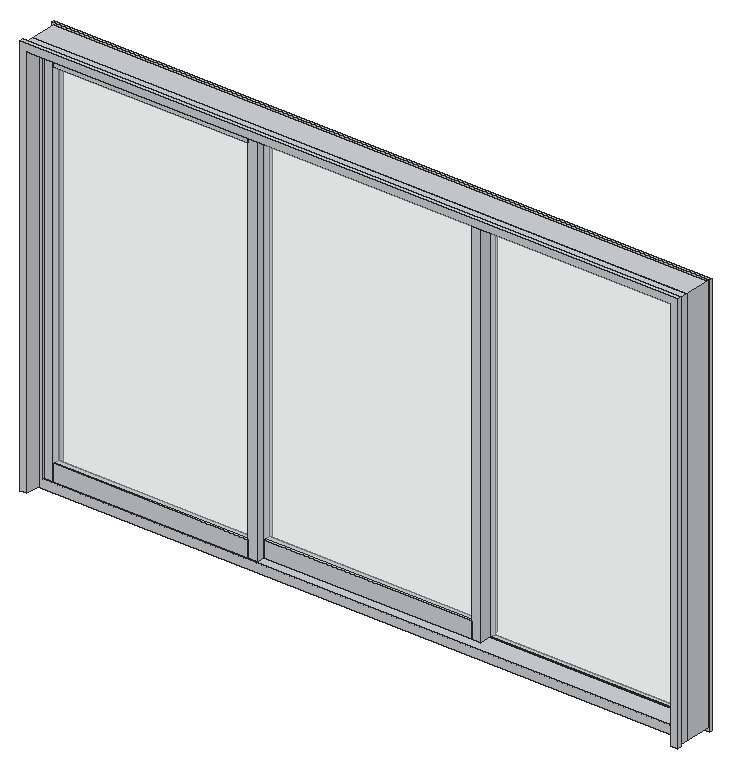
Revit family "APL Residential Thermal Heart Sliding Door SSF", category Doors, host Wall, Revit 2017
Family settings
  Host = Wall
  OmniClass Number = 23.30.10.00
  OmniClass Title = Doors
  Always vertical = Yes
  Cut with Voids When Loaded = No
  Shared = No
  Room Calculation Point = No
Parameters (values of type "Architrave")
  Type [instance] = APL Residential Thermal Heart Sliding Door SSF Horizontal Section : Groove Liner
  Rough Width = 3615 mm
  Rough Height = 2215 mm
  Liner Sill = yes
  Liner Head = yes
  Liner End [instance] = 10 mm
  Liner [instance] = 60 mm
  Jamb Liner 2 = yes
  Jamb Liner 1 = yes
  Groove [instance] = 10 mm
  Glazing [instance] = yes
  Function = Interior
  Frame Width Sill = 15 mm
  Frame Projection Ext. = 13 mm
  Frame Projection Int. = 20 mm
  Frame Width = 17.306 mm
  Height = Rough Height - 12.5 mm  # 2202.5 mm
  Wall Closure = By host
  Width = Rough Width - 15 mm  # 3600 mm
  Reveal Liner = no
  Fixed [instance] = yes
  Arrow Opening = yes
  Architrave = yes
  Analytic Construction = "<None>"
Reference planes
  plane 1: y = 0
  plane 2 "Center (Left/Right)": x = -43
  plane 3 "Left": x = -1850.5
  plane 4 "Right": x = 1764.5
  plane 5: z = 2215
  plane 6 "Exterior": y = 100
  plane 7 "Interior": y = -100
  plane 8: z = 1107.5
  plane 9: x = -645.5
  plane 10: x = 559.5
Forms (mm)
  Extrusion 1, solid, visible <- "Architrave"
    sketch origin (0, -100, 0) x (1, 0, 0) y (0, 0, 1)
      loop
        line (-1850.5, 2215) -> (-1850.5, 0) -> (-1822.396, 0) -> (-1822.396, 2186.896) -> (1736.396, 2186.896) -> (1736.396, 0) -> (1764.5, 0) -> (1764.5, 2215) -> (-1850.5, 2215)
    from 0 to -56.999
  Extrusion 2, solid, visible <- "Architrave"
    sketch origin (-60, -100, 0) x (1, 0, 0) y (0, 0, 1)
      loop
        line (-1802, 2226.5) -> (-1802, 0) -> (-1762.396, 0) -> (-1762.396, 2186.896) -> (1796.396, 2186.896) -> (1796.396, -0.049) -> (1836, -0.049) -> (1836, 2226.5) -> (-1802, 2226.5)
    from 19.85 to 0
  Sweep 3, solid, visible <- "Reveal Liner"
    path origin (0, -100, 0) x (1, 0, 0) y (0, 0, 1)
      loop
        line (-1850.5, -0.049) -> (-1850.5, 2215) -> (1764.5, 2215) -> (1764.5, -0.049)
    profile origin (-1850.5, -100, 1107.475) x (-1, 0, 0) y (0, -1, 0)
      loop
        line (-9.104, 19.85) -> (-28.104, 19.85) -> (-28.104, -56.999) -> (0, -56.999) -> (0, -0.15) -> (-14.669, -0.15) -> (-14.669, 9.85) -> (-9.104, 9.85) -> (-9.104, 19.85)
  Sweep 4, solid
    path origin (0, 100, 0) x (1, 0, 0) y (0, 0, 1)
      loop
        line (1799.692, 2249.7) -> (-1885.708, 2249.7) -> (-1885.708, -38.2) -> (1799.692, -38.2) -> (1799.692, 2249.7)
    profile origin (-1885.708, 100, 1105.75) x (0, -1, 0) y (1, 0, 0)
      loop
        line (-12.35, 22.708) -> (0, 22.708) -> (0, 42.708) -> (26.65, 42.708) -> (26.65, 66.708) -> (-18.35, 66.708) -> (-18.35, 43.708) -> (-12.35, 37.708) -> (-12.35, 22.708)
  Extrusion 5, solid
    sketch origin (-43, 0, 0) x (0, 1, 0) y (0, 0, 1)
      loop
        line (44.38, 2163.998) -> (9.9, 2163.998) -> (9.9, 2101.995) -> (44.38, 2101.995) -> (44.38, 2163.998)
    from -573.427 to 574.589
  Extrusion 6, solid
    sketch origin (0, -108.851, 0) x (1, 0, 0) y (0, 1, 0)
      loop
        line (-668.371, 78.85) -> (-668.371, 102.85) -> (-1746.606, 102.85) -> (-1746.606, 78.85) -> (-668.371, 78.85)
    from 138.3 to 2101.995
  Extrusion 7, solid
    sketch origin (1143.695, 0, 2243.4) x (0, 1, 0) y (0, 0, -1)
      loop
        line (45.299, 2195.899) -> (9.198, 2195.899) -> (9.198, 2105.099) -> (45.299, 2105.099) -> (45.299, 2195.899)
    from 612.106 to 1760.122
  Extrusion 8, solid
    sketch origin (1100.695, -11.769, 0) x (-1, 0, 0) y (0, -1, 0)
      loop
        line (569.106, -51.767) -> (1717.122, -51.767) -> (1717.122, -27.767) -> (569.106, -27.767) -> (569.106, -51.767)
    from 138.3 to 2101.995
  Sweep 9, solid
    path origin (0, 100, 0) x (1, 0, 0) y (0, 0, 1)
      loop
        line (583.272, 47.5) -> (1714, 47.5) -> (1714, 2163.998) -> (583.272, 2163.998) -> (583.272, 47.5)
    profile origin (1714, 100, 1105.749) x (0, -1, 0) y (1, 0, 0)
      loop
        line (-3.964, 0) -> (26.65, 0) -> (26.65, 19) -> (-18.35, 19) -> (-18.35, 14.386) -> (-3.964, 0)
  Extrusion 10, solid
    sketch origin (0, 0, 0) x (1, 0, 0) y (0, 1, 0)
      loop
        line (-616.427, -35.28) -> (-616.427, 9.198) -> (-668.371, 9.198) -> (-668.371, -35.28) -> (-616.427, -35.28)
    from 47.5 to 2163.998
  Extrusion 11, solid
    sketch origin (2245.495, 62.2, 0) x (-1, 0, 0) y (0, -1, 0)
      loop
        line (531.495, -40.65) -> (1662.224, -40.65) -> (1662.224, -16.65) -> (531.495, -16.65) -> (531.495, -40.65)
    from 47.5 to 2163.998
  Sweep 12, solid
    path origin (-1184.043, 100, 0) x (1, 0, 0) y (0, 0, 1)
      loop
        line (1715.613, 49.963) -> (-613.305, 49.963) -> (-613.305, 2161.652) -> (1715.613, 2161.652)
    profile origin (-1797.348, 100, 1105.807) x (-1, 0, 0) y (0, -1, 0)
      loop
        line (21.652, -18.35) -> (21.652, 26.65) -> (2.652, 26.65) -> (2.652, 24.65) -> (20.464, -18.35) -> (21.652, -18.35)
  Extrusion 13, solid
    sketch origin (-28.887, -46.751, 2243.4) x (0, 1, 0) y (0, 0, -1)
      loop
        line (45.951, 2195.899) -> (11.471, 2195.899) -> (11.471, 2105.099) -> (45.951, 2105.099) -> (45.951, 2195.899)
    from 639.484 to 1717.72
  Extrusion 14, solid
    sketch origin (-43, 0, -480) x (0, 1, 0) y (0, 0, 1)
      loop
        line (-0.8, 2643.998) -> (-35.28, 2643.998) -> (-35.28, 2581.995) -> (-0.8, 2581.995) -> (-0.8, 2643.998)
    from -1703.606 to -625.371
  Extrusion 15, solid
    sketch origin (-83.348, -46.751, 0) x (-1, 0, 0) y (0, -1, 0)
      loop
        line (1716.652, -45.951) -> (1716.652, -11.471) -> (1663.259, -11.471) -> (1663.259, -45.951) -> (1716.652, -45.951)
    from 47.5 to 2163.998
  Extrusion 16, solid
    sketch origin (0, 100, 0) x (1, 0, 0) y (0, 0, 1)
      loop
        line (1756.984, 2206.992) -> (-1843, 2206.992) -> (-1843, 4.508) -> (1756.984, 4.508) -> (1756.984, 2206.992)
      loop
        line (1714, 2163.998) -> (-1800, 2163.998) -> (-1800, 47.5) -> (1714, 47.5) -> (1714, 2163.998)
    from 26.65 to 143.001
  Extrusion 17, solid
    sketch origin (-55, 100, 0) x (1, 0, 0) y (0, 0, 1)
      loop
        line (1819.5, 2215) -> (-1795.5, 2215) -> (-1795.5, 0) -> (1819.5, 0) -> (1819.5, 2215)
      loop
        line (1811.984, 2206.992) -> (-1788, 2206.992) -> (-1788, 4.508) -> (1811.984, 4.508) -> (1811.984, 2206.992)
    from 0 to 143.001
  Extrusion 18, solid
    sketch origin (0, 0, 0) x (1, 0, 0) y (0, 1, 0)
      loop
        line (531.589, 9.198) -> (583.59, 9.198) -> (583.59, 73.35) -> (531.589, 73.35) -> (531.589, 9.198)
    from 47.5 to 2163.998
  Extrusion 19, solid
    sketch origin (0, 0, 0) x (1, 0, 0) y (0, 1, 0)
      loop
        line (531.589, 73.35) -> (564.272, 73.35) -> (564.272, 118.35) -> (554.59, 118.35) -> (554.59, 156.148) -> (531.589, 156.148) -> (531.589, 73.35)
    from 28.5 to 2182.998
  Extrusion 20, solid
    sketch origin (-1850.5, -100, 1107.475) x (-1, 0, 0) y (0, -1, 0)
      loop
        line (-1182.129, -109.198) -> (-1234.073, -109.198) -> (-1234.073, -145.199) -> (-1214.843, -145.199) -> (-1214.843, -189.498) -> (-1182.129, -189.498) -> (-1182.129, -109.198)
    from -1059.975 to 1056.523
Cuts and joins
  joined: Extrusion 1, Extrusion 2
  joined: Sweep 4, Sweep 12, Extrusion 16, Extrusion 17
  joined: Sweep 9, Extrusion 19
Lines and regions (mm)
  Opening 1
    outline origin (-5000.306, -100, 0) x (1, 0, 0) y (0, 0, 1)
      loop
        line (6764.806, 2215) -> (3149.806, 2215) -> (3149.806, 0) -> (6764.806, 0) -> (6764.806, 2215)
  Masking region 1
    outline origin (0, 0, 0) x (1, 0, 0) y (0, 1, 0)
      loop
        line (1714, -43.001) -> (1764.5, -43.001) -> (1764.5, 100) -> (1776.983, 100) -> (1776.983, 112.35) -> (1761.983, 112.35) -> (1755.983, 118.35) -> (1728.386, 118.35) -> (1714, 103.964) -> (1714, -43.001)
  Masking region 2
    outline origin (0, 0, 0) x (1, 0, 0) y (0, 1, 0)
      loop
        line (-1848, 112.35) -> (-1863, 112.35) -> (-1863, 100) -> (-1850.5, 100) -> (-1850.5, -43.001) -> (-1800, -43.001) -> (-1800, 73.35) -> (-1817.811, 118.35) -> (-1842, 118.35) -> (-1848, 112.35)
  symbolic lines, style "DoorsOpeningProjection"
    curve 1: line (-293, 157.712, 0) -> (207, 157.712, 0)
    curve 2: line (207, 157.712, 0) -> (110.407, 183.594, 0)
    curve 7: line (-1493, 157.712, 0) -> (-993, 157.712, 0)
    curve 8: line (-993, 157.712, 0) -> (-1089.593, 183.594, 0)
  symbolic lines, style "DoorsOpeningProjection", visible <- "Arrow Opening"
    curve 3: line (-298.893, 100, 1107.5) -> (212.893, 100, 1107.5)
    curve 4: line (212.893, 100, 1107.5) -> (128.087, 100, 1133.382)
    curve 5: line (-1498.893, 100, 1107.5) -> (-987.107, 100, 1107.5)
    curve 6: line (-987.107, 100, 1107.5) -> (-1071.913, 100, 1133.382)
Text (mm)
  text "Exterior" at (-2295.016, 1652.778, 0), in view "Ref. Level"
  text "Exterior" at (0, 1615.38, 3698.081), in view "Left"
  text "Exterior" at (0, 1036.032, 3874.932), in view "Right"
Dimensions and locks
  equal spacing: plane 3 "Left", plane 2 "Center (Left/Right)", plane 4 "Right"
  "Rough Width": plane 3 "Left" to plane 4 "Right"
  "Rough Height": plane 5 to host wall
  locked: plane 6 "Exterior" to host wall at 0
  locked: plane 7 "Interior" to host wall
  locked: Extrusion 5 to plane 5 at 113.005
  locked: cut or joined group of Extrusion 1, Extrusion 2 to cut or joined group of Extrusion 1, Extrusion 2 at 28.104  (x2)
  plane 6 "Exterior" to Extrusion 5 to Extrusion 5 = 55.62 mm locked, 34.48 mm locked
  nested 1 to plane 3 "Left" = 12.5 mm
  equal spacing: level, plane 8, plane 5
  locked: curve 1 to curve 1 at 500
  locked: curve 2 to curve 2 at 100
  Extrusion 8 to Extrusion 8 = 24 mm
  locked: Extrusion 11 to Extrusion 11 at 24
  level to plane 8 to plane 5 = 1107.5 mm, 1107.5 mm
  locked: Extrusion 11 to plane 5 at 51.002
  locked: Extrusion 8 to plane 5 at 113.005
  locked: plane 5 to Extrusion 10 at 51.002
  Extrusion 6 to plane 6 "Exterior" = 106.001 mm
  Extrusion 10 to plane 6 "Exterior" = 135.28 mm  (x2)
  Extrusion 7 to plane 6 "Exterior" = 54.701 mm
  Sweep 9 to Sweep 9 to Extrusion 11 to host wall to Extrusion 11 = 14.386 mm locked, 1.114 mm locked, 2.85 mm locked, 21.15 mm locked
  equal spacing: plane 3 "Left", plane 9, plane 10, plane 4 "Right"
  equal spacing: curve 4, plane 2 "Center (Left/Right)", curve 3
  curve 6 to curve 5 = 511.786 mm
  locked: Extrusion 14 to Extrusion 14 at 34.48
  Extrusion 15 to Extrusion 15 = 34.48 mm
  locked: curve 7 to curve 7 at 500
  locked: curve 8 to curve 8 at 100
  locked: Extrusion 6 to plane 5 at 113.005
  locked: Extrusion 15 to plane 5 at 51.002
  locked: plane 3 "Left" to nested 1 at 7.5
  Extrusion 10 to plane 9 to Extrusion 10 = 22.871 mm locked, 29.073 mm locked
  locked: Sweep 12 to plane 10 at 27.93
  plane 10 to Sweep 9 = 23.772 mm
  locked: Extrusion 15 to Extrusion 15 at 53.393
  Extrusion 7 to Extrusion 8 to Extrusion 8 to Extrusion 7 to plane 6 "Exterior" = 6.8 mm locked, 24 mm locked, 5.301 mm locked, 54.701 mm locked
  Extrusion 13 to Extrusion 6 to Extrusion 6 to Extrusion 13 to plane 6 "Exterior" = 5.279 mm locked, 24 mm locked, 5.201 mm locked, 100.8 mm locked
  locked: Sweep 12 to plane 6 "Exterior" at 18.35
  locked: cut or joined group of Sweep 4, Sweep 12, Extrusion 16, Extrusion 17 to plane 6 "Exterior" at 143.001
  nested 2 to host wall = 5 mm
  Extrusion 19 to plane 6 "Exterior" to Extrusion 19 to Extrusion 18 = 56.148 mm locked, 26.65 mm locked, 64.152 mm locked
  Extrusion 18 to plane 10 to Extrusion 18 = 27.911 mm locked, 24.09 mm locked
  Extrusion 19 to Extrusion 19 to plane 10 to Sweep 9 = 23.001 mm locked, 4.91 mm locked, 4.772 mm locked
  Extrusion 20 to plane 9 to Extrusion 20 to Extrusion 20 = 22.871 mm locked, 9.843 mm locked, 19.231 mm locked
  Extrusion 10 to Extrusion 10 to Extrusion 20 to Extrusion 20 to plane 6 "Exterior" = 44.478 mm locked, 36.001 mm locked, 44.299 mm locked, 10.502 mm locked
  locked: plane 3 "Left" to cut or joined group of Sweep 4, Sweep 12, Extrusion 16, Extrusion 17 at 50.5
  locked: cut or joined group of Sweep 4, Sweep 12, Extrusion 16, Extrusion 17 to plane 4 "Right" at 50.5
  locked: cut or joined group of Sweep 9, Extrusion 19 to plane 5 at 32.002  (x2)
  locked: Extrusion 20 to plane 5 at 51.002
  locked: plane 5 to Extrusion 18 at 51.002
  locked: level to Extrusion 20 at 47.5
  locked: nested 2 to plane 5 at 8.044
  locked: curve 2 to curve 1 (angle 15.00°)
  locked: curve 8 to curve 7 (angle 15.00°)
  aligned and locked: host wall to plane 1
  aligned and locked: Extrusion 1 to level
  aligned and locked: Sweep 3 to Extrusion 1
  aligned and locked: Extrusion 1 to Extrusion 2
  aligned and locked: Extrusion 11 to Sweep 9  (x2)
  aligned and locked: Extrusion 13 to Extrusion 6  (x2)
  aligned and locked: Extrusion 13 to Extrusion 15
  aligned and locked: Extrusion 6 to Extrusion 10
  aligned and locked: Extrusion 7 to Extrusion 8  (x2)
  aligned and locked: Extrusion 7 to Extrusion 10
  aligned and locked: Extrusion 14 to Extrusion 6  (x2)
  aligned and locked: Extrusion 15 to Extrusion 14
  aligned and locked: Extrusion 14 to Extrusion 15
  aligned and locked: Extrusion 5 to Extrusion 8  (x2)
  aligned and locked: Extrusion 15 to Extrusion 13
  aligned and locked: Extrusion 2 to plane 7 "Interior"
  aligned and locked: host wall to Extrusion 17
  aligned and locked: Extrusion 1 to cut or joined group of Sweep 4, Sweep 12, Extrusion 16, Extrusion 17
  aligned and locked: Sweep 3 sketch curve to cut or joined group of Extrusion 1, Extrusion 2
  aligned and locked: Extrusion 10 to Extrusion 8
  aligned and locked: Extrusion 10 to Extrusion 13
  aligned and locked: Extrusion 7 to Extrusion 18
  aligned and locked: Extrusion 18 to Sweep 9
  aligned and locked: Sweep 9 to Extrusion 19
  aligned and locked: Extrusion 19 to Sweep 9  (x2)
  aligned and locked: Extrusion 19 to Extrusion 7
  aligned and locked: Extrusion 10 to Extrusion 7
  aligned and locked: Extrusion 13 to Extrusion 10
  aligned and locked: Extrusion 20 to Extrusion 7
  aligned and locked: Extrusion 15 to cut or joined group of Sweep 4, Sweep 12, Extrusion 16, Extrusion 17
  aligned and locked: Masking region 1 to Sweep 3
  aligned and locked: Masking region 2 to Sweep 3
Automatic sketch dimensions
  host wall to curve 7 = 57.712 mm
  curve 7 to plane 9 = 347.5 mm
  host wall to curve 2 = 57.712 mm
  plane 2 "Center (Left/Right)" to curve 2 = 250 mm
  curve 5 to plane 8 = 0 mm
  curve 3 to plane 8 = 0 mm
  curve 5 to plane 9 = 341.607 mm
  plane 2 "Center (Left/Right)" to curve 4 = 255.893 mm
  plane 8 to curve 6 = 25.882 mm
  curve 6 to curve 5 = 84.806 mm
  curve 5 to plane 3 "Left" = 351.607 mm
  plane 8 to curve 4 = 25.882 mm
  curve 4 to curve 3 = 84.806 mm
  plane 3 "Left" to Opening 1 sketch curve = 0 mm
  Opening 1 sketch curve to level = 0 mm
  plane 4 "Right" to Opening 1 sketch curve = 0 mm
  Opening 1 sketch curve to plane 5 = 0 mm
  Extrusion 1 sketch curve to level = 0 mm  (x2)
  plane 3 "Left" to Extrusion 1 sketch curve = 0 mm
  plane 4 "Right" to Extrusion 1 sketch curve = 0 mm
  Extrusion 1 sketch curve to plane 5 = 0 mm
  Extrusion 1 sketch curve to plane 3 "Left" = 28.104 mm
  plane 4 "Right" to Extrusion 1 sketch curve = 28.104 mm
  plane 5 to Extrusion 1 sketch curve = 28.104 mm
  Extrusion 2 sketch curve to level = 0 mm
  plane 3 "Left" to Extrusion 2 sketch curve = 11.5 mm
  Extrusion 2 sketch curve to plane 3 "Left" = 28.104 mm
  plane 4 "Right" to Extrusion 2 sketch curve = 28.104 mm
  Extrusion 2 sketch curve to plane 4 "Right" = 11.5 mm
  Extrusion 2 sketch curve to level = 0.049 mm
  plane 5 to Extrusion 2 sketch curve = 28.104 mm
  Extrusion 2 sketch curve to plane 5 = 11.5 mm
  plane 3 "Left" to Sweep 3 sketch curve = 0 mm
  plane 4 "Right" to Sweep 3 sketch curve = 0 mm
  Sweep 3 sketch curve to plane 5 = 0 mm
  Sweep 3 sketch curve to level = 0.049 mm  (x2)
  plane 3 "Left" to Sweep 4 sketch curve = 35.208 mm
  Sweep 4 sketch curve to plane 4 "Right" = 35.192 mm
  Sweep 4 sketch curve to level = 38.2 mm
  Sweep 4 sketch curve to plane 5 = 34.7 mm
  plane 6 "Exterior" to Sweep 4 sketch curve = 0 mm
  Sweep 4 sketch curve to Sweep 4 sketch curve = 12.35 mm
  Sweep 4 sketch curve to plane 6 "Exterior" = 18.35 mm
  plane 6 "Exterior" to Sweep 4 sketch curve = 26.65 mm
  Sweep 4 sketch curve to profile plane = 22.708 mm
  Sweep 4 sketch curve to Sweep 4 sketch curve = 15 mm
  Sweep 4 sketch curve to Sweep 4 sketch curve = 20 mm
  Sweep 4 sketch curve to Sweep 4 sketch curve = 6 mm
  Sweep 4 sketch curve to Sweep 4 sketch curve = 23 mm
  Extrusion 5 sketch curve to host wall = 9.9 mm
  Extrusion 5 sketch curve to Extrusion 5 sketch curve = 34.48 mm
  plane 5 to Extrusion 5 sketch curve = 113.005 mm
  plane 5 to Extrusion 5 sketch curve = 51.002 mm
  host wall to Extrusion 6 sketch curve = 30.001 mm
  Extrusion 6 sketch curve to plane 3 "Left" = 103.894 mm
  host wall to Extrusion 6 sketch curve = 6.001 mm
  Extrusion 6 sketch curve to plane 9 = 22.871 mm
  Extrusion 7 sketch curve to host wall = 9.198 mm
  Extrusion 7 sketch curve to Extrusion 7 sketch curve = 36.101 mm
  level to Extrusion 7 sketch curve = 138.3 mm
  level to Extrusion 7 sketch curve = 47.5 mm
  Extrusion 8 sketch curve to plane 10 = 27.911 mm
  plane 9 to Extrusion 8 sketch curve = 29.073 mm
  Extrusion 8 sketch curve to host wall = 39.998 mm
  Extrusion 8 sketch curve to host wall = 15.998 mm
  plane 10 to Sweep 9 sketch curve = 23.772 mm
  plane 4 "Right" to Sweep 9 sketch curve = 50.5 mm
  level to Sweep 9 sketch curve = 47.5 mm
  plane 5 to Sweep 9 sketch curve = 51.002 mm
  Sweep 9 sketch curve to profile plane = 0 mm
  Sweep 9 sketch curve to plane 6 "Exterior" = 18.35 mm
  Sweep 9 sketch curve to plane 6 "Exterior" = 3.964 mm
  plane 6 "Exterior" to Sweep 9 sketch curve = 26.65 mm
  Sweep 9 sketch curve to profile plane = 14.386 mm
  Sweep 9 sketch curve to Sweep 9 sketch curve = 4.614 mm
  Extrusion 11 sketch curve to host wall = 21.15 mm
  plane 4 "Right" to Extrusion 11 sketch curve = 50.5 mm
  plane 10 to Extrusion 11 sketch curve = 23.772 mm
  host wall to Extrusion 11 sketch curve = 2.85 mm
  Sweep 12 sketch curve to profile plane = 2.652 mm
  Sweep 12 sketch curve to profile plane = 20.464 mm
  Sweep 12 sketch curve to Sweep 12 sketch curve = 19 mm
  Sweep 12 sketch curve to plane 6 "Exterior" = 18.35 mm
  plane 6 "Exterior" to Sweep 12 sketch curve = 24.65 mm
  Sweep 12 sketch curve to Sweep 12 sketch curve = 2 mm
  host wall to Extrusion 13 sketch curve = 35.28 mm
  host wall to Extrusion 13 sketch curve = 0.8 mm
  level to Extrusion 13 sketch curve = 138.3 mm
  level to Extrusion 13 sketch curve = 47.5 mm
  host wall to Extrusion 14 sketch curve = 35.28 mm
  host wall to Extrusion 14 sketch curve = 0.8 mm
  plane 5 to Extrusion 14 sketch curve = 113.005 mm
  plane 5 to Extrusion 14 sketch curve = 51.002 mm
  host wall to Extrusion 15 sketch curve = 0.8 mm
  Extrusion 15 sketch curve to plane 3 "Left" = 103.894 mm
  Extrusion 15 sketch curve to plane 3 "Left" = 50.5 mm
  Extrusion 15 sketch curve to Extrusion 15 sketch curve = 34.48 mm
  plane 5 to Extrusion 16 sketch curve = 8.008 mm
  Extrusion 16 sketch curve to plane 3 "Left" = 7.5 mm
  Extrusion 16 sketch curve to plane 3 "Left" = 50.5 mm
  plane 4 "Right" to Extrusion 16 sketch curve = 50.5 mm
  plane 4 "Right" to Extrusion 16 sketch curve = 7.516 mm
  plane 5 to Extrusion 16 sketch curve = 51.002 mm
  level to Extrusion 16 sketch curve = 47.5 mm
  level to Extrusion 16 sketch curve = 4.508 mm
  plane 5 to Extrusion 17 sketch curve = 0 mm
  plane 3 "Left" to Extrusion 17 sketch curve = 0 mm
  Extrusion 17 sketch curve to plane 3 "Left" = 7.5 mm
  plane 5 to Extrusion 17 sketch curve = 8.008 mm
  plane 4 "Right" to Extrusion 17 sketch curve = 7.516 mm
  plane 4 "Right" to Extrusion 17 sketch curve = 0 mm
  level to Extrusion 17 sketch curve = 4.508 mm
  level to Extrusion 17 sketch curve = 0 mm
  Sweep 3 sketch curve to profile plane = 0 mm
  profile plane to Sweep 3 sketch curve = 9.104 mm
  Sweep 3 sketch curve to Sweep 3 sketch curve = 5.565 mm
  profile plane to Sweep 3 sketch curve = 28.104 mm
  Sweep 3 sketch curve to plane 7 "Interior" = 0.15 mm
  plane 7 "Interior" to Sweep 3 sketch curve = 9.85 mm
  Sweep 3 sketch curve to Sweep 3 sketch curve = 10 mm
  Sweep 12 sketch curve to plane 3 "Left" = 53.152 mm
  level to Sweep 12 sketch curve = 49.963 mm
  plane 5 to Sweep 12 sketch curve = 53.348 mm
  Sweep 12 sketch curve to plane 10 = 27.93 mm  (x2)
  Extrusion 18 sketch curve to host wall = 9.198 mm
  Extrusion 18 sketch curve to plane 10 = 27.911 mm
  plane 10 to Extrusion 18 sketch curve = 24.09 mm
  Extrusion 18 sketch curve to host wall = 26.65 mm
  Extrusion 19 sketch curve to plane 10 = 27.911 mm
  Extrusion 19 sketch curve to plane 10 = 4.91 mm
  plane 10 to Extrusion 19 sketch curve = 4.772 mm
  host wall to Extrusion 19 sketch curve = 18.35 mm
  Extrusion 19 sketch curve to Extrusion 19 sketch curve = 37.798 mm
  Extrusion 19 sketch curve to host wall = 26.65 mm
  Extrusion 10 sketch curve to plane 9 = 22.871 mm
  host wall to Extrusion 10 sketch curve = 35.28 mm
  Extrusion 10 sketch curve to host wall = 9.198 mm
  plane 9 to Extrusion 10 sketch curve = 29.073 mm
  Extrusion 20 sketch curve to host wall = 9.198 mm
  plane 9 to Extrusion 20 sketch curve = 29.073 mm
  plane 9 to Extrusion 20 sketch curve = 9.843 mm
  Extrusion 20 sketch curve to host wall = 10.502 mm
  Extrusion 20 sketch curve to plane 9 = 22.871 mm
  Extrusion 20 sketch curve to Extrusion 20 sketch curve = 36.001 mm
  Masking region 1 sketch curve to host wall = 0 mm
  Masking region 1 sketch curve to plane 4 "Right" = 0 mm
  plane 4 "Right" to Masking region 1 sketch curve = 2.517 mm
  Masking region 1 sketch curve to Masking region 1 sketch curve = 6 mm
  Masking region 1 sketch curve to Masking region 1 sketch curve = 27.597 mm
  Masking region 1 sketch curve to plane 4 "Right" = 12.483 mm
  host wall to Masking region 1 sketch curve = 43.001 mm
  host wall to Masking region 1 sketch curve = 12.35 mm
  host wall to Masking region 1 sketch curve = 18.35 mm
  Masking region 1 sketch curve to Masking region 1 sketch curve = 50.5 mm
  host wall to Masking region 1 sketch curve = 3.964 mm
  Masking region 2 sketch curve to host wall = 0 mm
  Masking region 2 sketch curve to plane 3 "Left" = 0 mm
  Masking region 2 sketch curve to Masking region 2 sketch curve = 12.5 mm
  Masking region 2 sketch curve to plane 3 "Left" = 32.689 mm
  Masking region 2 sketch curve to Masking region 2 sketch curve = 17.811 mm
  Masking region 2 sketch curve to host wall = 26.65 mm
  host wall to Masking region 2 sketch curve = 43.001 mm
  host wall to Masking region 2 sketch curve = 12.35 mm
  host wall to Masking region 2 sketch curve = 18.35 mm
  Masking region 2 sketch curve to plane 3 "Left" = 2.5 mm
  Masking region 2 sketch curve to Masking region 2 sketch curve = 6 mm
Nested families
  nested 1: "APL Residential Thermal Heart Sliding Door SSF Horizontal Section" at (-476.25, 157.796, -15.492), Box Width <- "Width", type <- "Type", Groove <- "Groove", Liner <- "Liner", Liner End <- "Liner End", type "Groove Liner"
    with Liner End 10 mm, Liner 60 mm, Groove 10 mm, Glass Length 1174 mm, Glass Fixed Length 1155 mm, Glass Door Length 1105 mm, Box Width 3600 mm
  nested 2: "APL Residential Thermal Heart Sliding Door SSF Vertical Section" at (-1863, -277.596, 979.103) x (0, -1, 0) z (1, 0, 0), Box Height <- "Height", Groove <- "Groove", Liner <- "Liner", Liner End <- "Liner End", type "Groove Liner"
    with Liner End 10 mm, Liner 60 mm, Groove 10 mm, Glass Length 1984.6 mm, Glass Fixed Length 2142 mm, Box Height 2202.5 mm
Definition of nested family "APL Residential Thermal Heart Sliding Door SSF Horizontal Section"
  Parameters (values of type "Groove Liner")
    Liner End [instance] = 10 mm
    Liner Block = Liner : Liner
    Liner [instance] = 100 mm
    Groove [instance] = 10 mm
    Glass Length [instance] = (Box Width / 3) - 26 mm  # 307.333 mm
    Glass Door Length [instance] = (Box Width / 3) - 95 mm  # 238.333 mm
    Glass Fixed Length [instance] = (Box Width / 3) - 45 mm  # 288.333 mm
    Box Width [instance] = 1000 mm
  Types (2, lengths in mm): name | Liner Block | Glass Length | Glass Door Length | Glass Fixed Length | Box Width
    Groove Liner | Liner : Liner | 307.333 | 238.333 | 288.333 | 1000
    Liner | Liner No Groove : Liner No Groove | 140.667 | 71.667 | 121.667 | 500
  Reference planes
    plane 1 "Center (Front/Back)": y = 40.148
    plane 2: z = 0
    plane 3 "Center (Left/Right)": x = -0.083
    plane 4: x = -500.083
    plane 5: x = 499.917
    plane 6: y = 197.297
    plane 7: y = 197.648
    plane 8: x = 507.417
    plane 9: y = 57.796
    plane 10: x = -166.75
    plane 11: x = 166.584
  Dimensions and locks
    equal spacing: plane 4, plane 3 "Center (Left/Right)", plane 5
    "Box Width": plane 4 to plane 5
    "Liner": plane 6 to nested 1
    "Liner": plane 7 to nested 2
    plane 8 to plane 5 = 7.5 mm
    equal spacing: plane 4, plane 10, plane 11, plane 5
    locked: plane 4 to nested 10 at 83.303
    locked: nested 11 to nested 10 at 6.062
    nested 9 to plane 10 to nested 3 = 12.372 mm locked, 13.593 mm locked
    locked: nested 9 to nested 8 at 5.965
    locked: nested 8 to nested 3 at 6.002
    locked: nested 4 to nested 7 at 6.023
    locked: nested 7 to nested 5 at 6.328
    nested 4 to plane 11 to nested 5 = 12.43 mm locked, 13.918 mm locked
    locked: nested 6 to nested 12 at 6.34
    locked: nested 6 to plane 5 at 30.34
    locked: nested 1 to nested 11 at 22.397
    locked: nested 12 to nested 2 at 22.396
    aligned and locked: plane 7 to nested 2
    aligned and locked: plane 5 to nested 12
  Nested families
    nested 1: "Liner" at (-479.48, 197.297, 0) x (0, 1, 0) z (0, 0, 1), type <- "Liner Block", type "Liner", in view "Ref. Level", detail levels fine
      with built-in parameter 1001306 0.32808 (stored number, unit not read)
    nested 2: "Liner" at (479.313, 197.648, 0) x (0, 1, 0) z (0, 0, 1), type <- "Liner Block", type "Liner", in view "Ref. Level", detail levels fine
      with built-in parameter 1001306 0.32808 (stored number, unit not read)
    nested 3: "Glass" at (-153.157, 117.798, 0) x (0, 1, 0) z (0, 0, 1), Glass Lenght <- "Glass Length", type "Glass", in view "Ref. Level", detail levels fine
      with Glass Lenght 307.333 mm
    nested 4: "Glass" at (154.153, 117.798, 0) x (0, 1, 0) z (0, 0, 1), Glass Lenght <- "Glass Length", type "Glass", in view "Ref. Level", detail levels fine
      with Glass Lenght 307.333 mm
    nested 5: "Glazing Bead" at (180.502, 55.648, 0) x (0, 1, 0) z (0, 0, 1), Glass Lenght <- "Glass Fixed Length", type "Glazing Bead", in view "Ref. Level", detail levels fine
      with Glass Lenght 288.333 mm
    nested 6: "Glazing Bead" at (469.577, 55.648, 0) x (0, 1, 0) z (0, 0, 1), Glass Lenght <- "Glass Fixed Length", type "Glazing Bead", in view "Ref. Level", detail levels fine
      with Glass Lenght 288.333 mm
    nested 7: "Heavy Duty Interlocker" at (166.584, 110.598, 0) x (-1, 0, 0) z (0, 0, 1), type "Heavy Duty Interlocker", in view "Ref. Level", detail levels fine
    nested 8: "Reverse Interlocker" at (-166.75, 156.597, 0) x (-1, 0, 0) z (0, 0, 1), type "Reverse Interlocker", in view "Ref. Level", detail levels fine
    nested 9: "Glass" at (-179.122, 163.797, 0) x (0, 1, 0) z (0, 0, 1), Glass Lenght <- "Glass Door Length", type "Glass", in view "Ref. Level", detail levels fine
      with Glass Lenght 238.333 mm
    nested 10: "Glass" at (-416.78, 163.797, 0) x (0, 1, 0) z (0, 0, 1), Glass Lenght <- "Glass Door Length", type "Glass", in view "Ref. Level", detail levels fine
      with Glass Lenght 238.333 mm
    nested 11: "Jamb Multislider Stile" at (-500.083, 39.797, 0) x (-1, 0, 0) z (0, 0, 1), type "Jamb Multislider Stile", in view "Ref. Level", detail levels fine
    nested 12: "Jamb Multislider Fixed" at (499.917, 40.148, 0) x (-1, 0, 0) z (0, 0, 1), type "Jamb Multislider Fixed", in view "Ref. Level", detail levels fine
  Definition of nested family "Liner"
    Parameters (values of type "Liner")
      Type Image = (empty or 0)
      built-in parameter 1001306 [instance] = 100 mm
      Groove [instance] = 10 mm
      End Liner [instance] = 10 mm
    Reference planes
      plane 1 "Center (Front/Back)": y = 0
      plane 2: z = 0
      plane 3 "Left": x = 0
      plane 4 "Right": x = 100
    Lines and regions (mm)
      Filled region 1, type "Brick", in view "Ref. Level"
        outline origin (0, 0, 0) x (1, 0, 0) y (0, 1, 0)
          loop
            line (0, 0) -> (120, 0) -> (120, 19) -> (110, 19) -> (110, 13.435) -> (100, 13.435) -> (100, 19) -> (0, 19) -> (0, 0)
      reference lines, in view "Ref. Level"
        curve 1: line (0, 0, 0) -> (100, 0, 0)
      detail lines, in view "Ref. Level", detail levels fine
        curve 2: line (100, 0, 0) -> (0, 0, 0)
    Dimensions and locks
      "built-in parameter 1001306": plane 3 "Left" to plane 4 "Right"
      locked: Filled region 1 to curve 2 at 19
      "Groove": plane 4 "Right" to Filled region 1
      "End Liner": Filled region 1 to Filled region 1
      aligned and locked: plane 1 "Center (Front/Back)" to curve 1
      aligned and locked: plane 3 "Left" to curve 1
      aligned and locked: plane 4 "Right" to curve 1
      aligned and locked: curve 1 to Filled region 1
      aligned and locked: plane 1 "Center (Front/Back)" to Filled region 1
      aligned and locked: Filled region 1 to plane 3 "Left"
    Automatic sketch dimensions
      curve 2 to plane 4 "Right" = 0 mm
      Filled region 1 sketch curve to plane 3 "Left" = 0 mm
      Filled region 1 sketch curve to plane 4 "Right" = 0 mm
      Filled region 1 sketch curve to Filled region 1 sketch curve = 10 mm  (x2)
      Filled region 1 sketch curve to plane 1 "Center (Front/Back)" = 0 mm
      Filled region 1 sketch curve to plane 1 "Center (Front/Back)" = 13.435 mm
      Filled region 1 sketch curve to Filled region 1 sketch curve = 5.565 mm  (x2)
      curve 2 to plane 3 "Left" = 0 mm
  Definition of nested family "Glass"
    Parameters (values of type "Glass")
      Glass Lenght [instance] = 50 mm
    Reference planes
      plane 1 "Center (Front/Back)": y = 0
      plane 2: z = 0
      plane 3 "Center (Left/Right)": x = 0
      plane 4: y = -50
    Lines and regions (mm)
      Filled region 1, type "Solid Fill - Black", in view "Ref. Level"
        outline origin (0, 0, 0) x (1, 0, 0) y (0, 1, 0)
          loop
            line (4, 0) -> (4, -12) -> (20, -12) -> (20, 0) -> (4, 0)
      model lines, in view "Ref. Level"
        curve 1: line (4, -12, 0) -> (20, -12, 0)
        curve 2: line (0, -50, 0) -> (0, 0, 0)
        curve 3: line (0, 0, 0) -> (24, 0, 0)
        curve 4: line (24, 0, 0) -> (24, -50, 0)
        curve 5: line (20, 0, 0) -> (20, -50, 0)
        curve 6: line (4, 0, 0) -> (4, -50, 0)
      detail lines, in view "Ref. Level"
        curve 7: arc (25, -11.728, 0) -> (24.979, -11.828, 0) -> (24.92, -11.912, 0) r 0.25
        curve 8: arc (24.161, -12.614, 0) -> (24.042, -12.78, 0) -> (24, -12.981, 0) r 0.5
        curve 9: arc (24, -14.404, 0) -> (24.088, -14.594, 0) -> (24.289, -14.651, 0) r 0.25
        curve 10: arc (28.489, -13.997, 0) -> (28.647, -13.904, 0) -> (28.699, -13.728, 0) r 0.25
        curve 11: arc (27.5, -9.1, 0) -> (27.711, -8.984, 0) -> (27.727, -8.744, 0) r 0.25
        curve 12: arc (26.033, -5.114, 0) -> (25.642, -4.858, 0) -> (25.24, -5.095, 0) r 0.442
        curve 13: arc (24.864, -5.812, 0) -> (24.414, -6.357, 0) -> (24.052, -6.964, 0) r 4.62
        curve 14: arc (24.052, -6.964, 0) -> (24.013, -7.073, 0) -> (24, -7.187, 0) r 0.5
        curve 15: arc (24, -7.743, 0) -> (24.132, -7.931, 0) -> (24.353, -7.871, 0) r 0.2
        curve 16: arc (24.353, -7.871, 0) -> (24.514, -7.711, 0) -> (24.702, -7.581, 0) r 1.262
        curve 17: arc (24.702, -7.581, 0) -> (24.901, -7.583, 0) -> (25, -7.756, 0) r 0.2
        curve 18: arc (25, -8.353, 0) -> (24.962, -8.543, 0) -> (24.855, -8.705, 0) r 0.5
        curve 19: arc (24.855, -8.705, 0) -> (24.408, -9.237, 0) -> (24.051, -9.833, 0) r 4.3
        curve 20: arc (24.051, -9.833, 0) -> (24.013, -9.941, 0) -> (24, -10.054, 0) r 0.5
        curve 21: arc (24, -10.668, 0) -> (24.137, -10.858, 0) -> (24.361, -10.787, 0) r 0.2
        curve 22: arc (24.361, -10.787, 0) -> (24.512, -10.617, 0) -> (24.69, -10.476, 0) r 1.288
        curve 23: arc (24.69, -10.476, 0) -> (24.895, -10.467, 0) -> (25, -10.643, 0) r 0.2
        curve 24: line (24.92, -11.912, 0) -> (24.161, -12.614, 0)
        curve 25: line (24, -12.981, 0) -> (24, -14.404, 0)
        curve 26: line (24.289, -14.651, 0) -> (28.489, -13.997, 0)
        curve 27: line (28.699, -13.728, 0) -> (28.548, -12, 0)
        curve 28: line (28.548, -12, 0) -> (27, -12, 0)
        curve 29: line (27, -12, 0) -> (27, -9.1, 0)
        curve 30: line (27, -9.1, 0) -> (27.5, -9.1, 0)
        curve 31: line (27.727, -8.744, 0) -> (26.033, -5.114, 0)
        curve 32: line (25.24, -5.095, 0) -> (24.864, -5.812, 0)
        curve 33: line (24, -7.187, 0) -> (24, -7.743, 0)
        curve 34: line (25, -7.756, 0) -> (25, -8.353, 0)
        curve 35: line (24, -10.054, 0) -> (24, -10.668, 0)
        curve 36: line (25, -10.643, 0) -> (25, -11.728, 0)
        curve 87: arc (-0.25, -13, 0) -> (0, -12.75, 0) -> (-0.25, -12.5, 0) r 0.25
        curve 88: arc (-0.25, -9.45, 0) -> (0, -9.2, 0) -> (-0.25, -8.95, 0) r 0.25
        curve 89: arc (-0.25, -8.281, 0) -> (0, -8.031, 0) -> (-0.25, -7.781, 0) r 0.25
        curve 90: arc (-0.25, -7.113, 0) -> (0, -6.863, 0) -> (-0.25, -6.613, 0) r 0.25
        curve 91: line (-0.25, -5.444, 0) -> (-1, -5.444, 0)
        curve 92: line (-1, -5.444, 0) -> (-1, -9.45, 0)
        curve 93: line (-1, -9.45, 0) -> (-2.2, -9.45, 0)
        curve 94: line (-2.2, -9.45, 0) -> (-2.2, -8.7, 0)
        curve 95: line (-2.2, -8.7, 0) -> (-2.8, -8.7, 0)
        curve 96: line (-2.8, -8.7, 0) -> (-2.8, -11.8, 0)
        curve 97: line (-2.8, -11.8, 0) -> (-2.2, -11.8, 0)
        curve 98: line (-2.2, -11.8, 0) -> (-2.2, -11.05, 0)
        curve 99: line (-2.2, -11.05, 0) -> (-1, -11.05, 0)
        curve 100: line (-1, -11.05, 0) -> (-1, -13, 0)
        curve 101: line (-1, -13, 0) -> (-0.25, -13, 0)
        curve 102: line (-0.25, -12.5, 0) -> (-0.25, -9.45, 0)
        curve 103: line (-0.25, -8.95, 0) -> (-0.25, -8.281, 0)
        curve 104: line (-0.25, -7.781, 0) -> (-0.25, -7.113, 0)
        curve 105: line (-0.25, -6.613, 0) -> (-0.25, -5.944, 0)
        curve 106: arc (-0.25, -5.944, 0) -> (0, -5.694, 0) -> (-0.25, -5.444, 0) r 0.25
      detail lines, in view "Ref. Level", not visible
        curve 37: arc (-0.25, -4.9, 0) -> (0, -5.15, 0) -> (-0.25, -5.4, 0) r 0.25
        curve 38: arc (-0.25, -8.45, 0) -> (0, -8.7, 0) -> (-0.25, -8.95, 0) r 0.25
        curve 39: arc (-0.25, -9.619, 0) -> (0, -9.869, 0) -> (-0.25, -10.119, 0) r 0.25
        curve 40: arc (-0.25, -10.787, 0) -> (0, -11.037, 0) -> (-0.25, -11.287, 0) r 0.25
        curve 41: line (-0.25, -12.456, 0) -> (-1, -12.456, 0)
        curve 42: line (-1, -12.456, 0) -> (-1, -8.45, 0)
        curve 43: line (-1, -8.45, 0) -> (-2.2, -8.45, 0)
        curve 44: line (-2.2, -8.45, 0) -> (-2.2, -9.2, 0)
        curve 45: line (-2.2, -9.2, 0) -> (-2.8, -9.2, 0)
        curve 46: line (-2.8, -9.2, 0) -> (-2.8, -6.1, 0)
        curve 47: line (-2.8, -6.1, 0) -> (-2.2, -6.1, 0)
        curve 48: line (-2.2, -6.1, 0) -> (-2.2, -6.85, 0)
        curve 49: line (-2.2, -6.85, 0) -> (-1, -6.85, 0)
        curve 50: line (-1, -6.85, 0) -> (-1, -4.9, 0)
        curve 51: line (-1, -4.9, 0) -> (-0.25, -4.9, 0)
        curve 52: line (-0.25, -5.4, 0) -> (-0.25, -8.45, 0)
        curve 53: line (-0.25, -8.95, 0) -> (-0.25, -9.619, 0)
        curve 54: line (-0.25, -10.119, 0) -> (-0.25, -10.787, 0)
        curve 55: line (-0.25, -11.287, 0) -> (-0.25, -11.956, 0)
        curve 56: arc (-0.25, -11.956, 0) -> (0, -12.206, 0) -> (-0.25, -12.456, 0) r 0.25
        curve 57: arc (25, -10.728, 0) -> (24.979, -10.828, 0) -> (24.92, -10.912, 0) r 0.25
        curve 58: arc (24.161, -11.614, 0) -> (24.042, -11.78, 0) -> (24, -11.981, 0) r 0.5
        curve 59: arc (24, -13.404, 0) -> (24.088, -13.594, 0) -> (24.289, -13.651, 0) r 0.25
        curve 60: arc (28.489, -12.997, 0) -> (28.647, -12.904, 0) -> (28.699, -12.728, 0) r 0.25
        curve 61: arc (27.5, -8.1, 0) -> (27.711, -7.984, 0) -> (27.727, -7.744, 0) r 0.25
        curve 62: arc (26.033, -4.114, 0) -> (25.642, -3.858, 0) -> (25.24, -4.095, 0) r 0.442
        curve 63: arc (24.864, -4.812, 0) -> (24.414, -5.357, 0) -> (24.052, -5.964, 0) r 4.62
        curve 64: arc (24.052, -5.964, 0) -> (24.013, -6.073, 0) -> (24, -6.187, 0) r 0.5
        curve 65: arc (24, -6.743, 0) -> (24.132, -6.931, 0) -> (24.353, -6.871, 0) r 0.2
        curve 66: arc (24.353, -6.871, 0) -> (24.514, -6.711, 0) -> (24.702, -6.581, 0) r 1.262
        curve 67: arc (24.702, -6.581, 0) -> (24.901, -6.583, 0) -> (25, -6.756, 0) r 0.2
        curve 68: arc (25, -7.353, 0) -> (24.962, -7.543, 0) -> (24.855, -7.705, 0) r 0.5
        curve 69: arc (24.855, -7.705, 0) -> (24.408, -8.237, 0) -> (24.051, -8.833, 0) r 4.3
        curve 70: arc (24.051, -8.833, 0) -> (24.013, -8.941, 0) -> (24, -9.054, 0) r 0.5
        curve 71: arc (24, -9.668, 0) -> (24.137, -9.858, 0) -> (24.361, -9.787, 0) r 0.2
        curve 72: arc (24.361, -9.787, 0) -> (24.512, -9.617, 0) -> (24.69, -9.476, 0) r 1.288
        curve 73: arc (24.69, -9.476, 0) -> (24.895, -9.467, 0) -> (25, -9.643, 0) r 0.2
        curve 74: line (24.92, -10.912, 0) -> (24.161, -11.614, 0)
        curve 75: line (24, -11.981, 0) -> (24, -13.404, 0)
        curve 76: line (24.289, -13.651, 0) -> (28.489, -12.997, 0)
        curve 77: line (28.699, -12.728, 0) -> (28.548, -11, 0)
        curve 78: line (28.548, -11, 0) -> (27, -11, 0)
        curve 79: line (27, -11, 0) -> (27, -8.1, 0)
        curve 80: line (27, -8.1, 0) -> (27.5, -8.1, 0)
        curve 81: line (27.727, -7.744, 0) -> (26.033, -4.114, 0)
        curve 82: line (25.24, -4.095, 0) -> (24.864, -4.812, 0)
        curve 83: line (24, -6.187, 0) -> (24, -6.743, 0)
        curve 84: line (25, -6.756, 0) -> (25, -7.353, 0)
        curve 85: line (24, -9.054, 0) -> (24, -9.668, 0)
        curve 86: line (25, -9.643, 0) -> (25, -10.728, 0)
    Dimensions and locks
      "Glass Lenght": plane 1 "Center (Front/Back)" to plane 4
      aligned and locked: plane 4 to curve 2
      aligned and locked: plane 1 "Center (Front/Back)" to Filled region 1 sketch curve
      aligned and locked: Filled region 1 sketch curve to curve 6
      aligned and locked: Filled region 1 sketch curve to curve 1
      aligned and locked: Filled region 1 sketch curve to curve 5
    Automatic sketch dimensions
      plane 1 "Center (Front/Back)" to curve 2 = 0 mm
      curve 2 to plane 3 "Center (Left/Right)" = 0 mm
      curve 6 to plane 4 = 0 mm
      curve 5 to plane 4 = 0 mm
      curve 4 to plane 4 = 0 mm
      curve 5 to curve 3 = 4 mm
      curve 1 to curve 1 = 16 mm
      plane 1 "Center (Front/Back)" to curve 1 = 12 mm
      plane 3 "Center (Left/Right)" to curve 6 = 4 mm
  Definition of nested family "Glazing Bead"
    Parameters (values of type "Glazing Bead")
      Glass Lenght [instance] = 50 mm
    Reference planes
      plane 1 "Center (Front/Back)": y = 0
      plane 2: z = 0
      plane 3 "Center (Left/Right)": x = 0
      plane 4: y = -50
    Lines and regions (mm)
      Filled region 1, type "Solid Fill - Black", in view "Ref. Level"
        outline origin (0, 0, 0) x (1, 0, 0) y (0, 1, 0)
          loop
            line (4, 0) -> (4, -12) -> (20, -12) -> (20, 0) -> (4, 0)
      model lines, in view "Ref. Level"
        curve 1: line (4, -12, 0) -> (20, -12, 0)
        curve 2: line (0, -50, 0) -> (0, 0, 0)
        curve 3: line (0, 0, 0) -> (24, 0, 0)
        curve 4: line (24, 0, 0) -> (24, -50, 0)
        curve 5: line (20, 0, 0) -> (20, -50, 0)
        curve 6: line (4, 0, 0) -> (4, -50, 0)
      detail lines, in view "Ref. Level"
        curve 7: arc (-0.25, -4.9, 0) -> (0, -5.15, 0) -> (-0.25, -5.4, 0) r 0.25
        curve 8: arc (-0.25, -8.45, 0) -> (0, -8.7, 0) -> (-0.25, -8.95, 0) r 0.25
        curve 9: arc (-0.25, -9.619, 0) -> (0, -9.869, 0) -> (-0.25, -10.119, 0) r 0.25
        curve 10: arc (-0.25, -10.787, 0) -> (0, -11.037, 0) -> (-0.25, -11.287, 0) r 0.25
        curve 11: line (-0.25, -12.456, 0) -> (-1, -12.456, 0)
        curve 12: line (-1, -12.456, 0) -> (-1, -8.45, 0)
        curve 13: line (-1, -8.45, 0) -> (-2.2, -8.45, 0)
        curve 14: line (-2.2, -8.45, 0) -> (-2.2, -9.2, 0)
        curve 15: line (-2.2, -9.2, 0) -> (-2.8, -9.2, 0)
        curve 16: line (-2.8, -9.2, 0) -> (-2.8, -6.1, 0)
        curve 17: line (-2.8, -6.1, 0) -> (-2.2, -6.1, 0)
        curve 18: line (-2.2, -6.1, 0) -> (-2.2, -6.85, 0)
        curve 19: line (-2.2, -6.85, 0) -> (-1, -6.85, 0)
        curve 20: line (-1, -6.85, 0) -> (-1, -4.9, 0)
        curve 21: line (-1, -4.9, 0) -> (-0.25, -4.9, 0)
        curve 22: line (-0.25, -5.4, 0) -> (-0.25, -8.45, 0)
        curve 23: line (-0.25, -8.95, 0) -> (-0.25, -9.619, 0)
        curve 24: line (-0.25, -10.119, 0) -> (-0.25, -10.787, 0)
        curve 25: line (-0.25, -11.287, 0) -> (-0.25, -11.956, 0)
        curve 26: arc (-0.25, -11.956, 0) -> (0, -12.206, 0) -> (-0.25, -12.456, 0) r 0.25
      detail lines, in view "Ref. Level", not visible
        curve 27: arc (-0.25, -4.9, 0) -> (0, -5.15, 0) -> (-0.25, -5.4, 0) r 0.25
        curve 28: arc (-0.25, -8.45, 0) -> (0, -8.7, 0) -> (-0.25, -8.95, 0) r 0.25
        curve 29: arc (-0.25, -9.619, 0) -> (0, -9.869, 0) -> (-0.25, -10.119, 0) r 0.25
        curve 30: arc (-0.25, -10.787, 0) -> (0, -11.037, 0) -> (-0.25, -11.287, 0) r 0.25
        curve 31: line (-0.25, -12.456, 0) -> (-1, -12.456, 0)
        curve 32: line (-1, -12.456, 0) -> (-1, -8.45, 0)
        curve 33: line (-1, -8.45, 0) -> (-2.2, -8.45, 0)
        curve 34: line (-2.2, -8.45, 0) -> (-2.2, -9.2, 0)
        curve 35: line (-2.2, -9.2, 0) -> (-2.8, -9.2, 0)
        curve 36: line (-2.8, -9.2, 0) -> (-2.8, -6.1, 0)
        curve 37: line (-2.8, -6.1, 0) -> (-2.2, -6.1, 0)
        curve 38: line (-2.2, -6.1, 0) -> (-2.2, -6.85, 0)
        curve 39: line (-2.2, -6.85, 0) -> (-1, -6.85, 0)
        curve 40: line (-1, -6.85, 0) -> (-1, -4.9, 0)
        curve 41: line (-1, -4.9, 0) -> (-0.25, -4.9, 0)
        curve 42: line (-0.25, -5.4, 0) -> (-0.25, -8.45, 0)
        curve 43: line (-0.25, -8.95, 0) -> (-0.25, -9.619, 0)
        curve 44: line (-0.25, -10.119, 0) -> (-0.25, -10.787, 0)
        curve 45: line (-0.25, -11.287, 0) -> (-0.25, -11.956, 0)
        curve 46: arc (-0.25, -11.956, 0) -> (0, -12.206, 0) -> (-0.25, -12.456, 0) r 0.25
        curve 47: arc (62.983, -3.041, 0) -> (62.673, -2.901, 0) -> (62.511, -3.2, 0) r 0.25
        curve 48: arc (62.537, -13.088, 0) -> (62.7, -13.387, 0) -> (63.01, -13.247, 0) r 0.25
        curve 49: line (62.511, -3.2, 0) -> (63.505, -7.068, 0)
        curve 50: line (63.505, -7.068, 0) -> (62.502, -7.647, 0)
        curve 51: line (62.502, -7.647, 0) -> (62.502, -8.647, 0)
        curve 52: line (62.502, -8.647, 0) -> (63.527, -9.239, 0)
        curve 53: line (63.527, -9.239, 0) -> (62.537, -13.088, 0)
        curve 54: line (63.01, -13.247, 0) -> (64.734, -9.147, 0)
        curve 55: line (64.734, -9.147, 0) -> (66.002, -9.147, 0)
        curve 56: line (66.002, -9.147, 0) -> (66.002, -10.397, 0)
        curve 57: line (66.002, -10.397, 0) -> (67.002, -10.397, 0)
        curve 58: line (67.002, -10.397, 0) -> (67.002, -5.897, 0)
        curve 59: line (67.002, -5.897, 0) -> (66.002, -5.897, 0)
        curve 60: line (66.002, -5.897, 0) -> (66.002, -7.147, 0)
        curve 61: line (66.002, -7.147, 0) -> (64.71, -7.147, 0)
        curve 62: line (64.71, -7.147, 0) -> (62.983, -3.041, 0)
    Dimensions and locks
      "Glass Lenght": plane 1 "Center (Front/Back)" to plane 4
      aligned and locked: plane 4 to curve 2
      aligned and locked: plane 1 "Center (Front/Back)" to Filled region 1 sketch curve
      aligned and locked: Filled region 1 sketch curve to curve 6
      aligned and locked: Filled region 1 sketch curve to curve 1
      aligned and locked: Filled region 1 sketch curve to curve 5
    Automatic sketch dimensions
      plane 1 "Center (Front/Back)" to curve 2 = 0 mm
      curve 2 to plane 3 "Center (Left/Right)" = 0 mm
      curve 6 to plane 4 = 0 mm
      curve 5 to plane 4 = 0 mm
      curve 4 to plane 4 = 0 mm
      curve 5 to curve 3 = 4 mm
      plane 3 "Center (Left/Right)" to curve 1 = 4 mm
      curve 6 to curve 5 = 16 mm
      plane 1 "Center (Front/Back)" to curve 1 = 12 mm
    Nested families
      nested 1: "65015_Bead" at (-15.5, 6.328, 0), type "65015_Bead", in view "Ref. Level"
    Definition of nested family "65015_Bead"
      Reference planes
        plane 1 "Center (Front/Back)": y = 0
        plane 2: z = 0
        plane 3 "Center (Left/Right)": x = 0
      Lines and regions (mm)
        model lines, in view "Ref. Level"
          curve 1: arc (13.5, 12.78, 0) -> (13.558, 12.92, 0) -> (13.698, 12.978, 0) r 0.198
          curve 2: arc (14.302, 12.978, 0) -> (14.442, 12.918, 0) -> (14.5, 12.777, 0) r 0.201
          curve 3: arc (14.5, 10.175, 0) -> (14.442, 10.036, 0) -> (14.302, 9.978, 0) r 0.198
          curve 4: arc (13.698, 9.978, 0) -> (13.558, 10.036, 0) -> (13.5, 10.175, 0) r 0.198
          curve 5: arc (13.5, 11.027, 0) -> (13.442, 11.169, 0) -> (13.3, 11.228, 0) r 0.2
          curve 6: arc (12.7, 11.228, 0) -> (11.851, 11.579, 0) -> (11.5, 12.428, 0) r 1.2
          curve 7: arc (11.5, 13.628, 0) -> (11.377, 13.813, 0) -> (11.159, 13.769, 0) r 0.2
          curve 8: arc (1.546, 4.157, 0) -> (1.438, 3.995, 0) -> (1.4, 3.804, 0) r 0.5
          curve 9: arc (1.4, 1.817, 0) -> (1.467, 1.567, 0) -> (1.65, 1.384, 0) r 0.5
          curve 10: arc (10.675, -3.827, 0) -> (10.913, -4.714, 0) -> (10.025, -4.952, 0) r 0.65
          curve 11: arc (3.306, -1.073, 0) -> (2.928, -1.023, 0) -> (2.624, -1.254, 0) r 0.5
          curve 12: arc (2.587, -2.129, 0) -> (2.248, -2.45, 0) -> (1.791, -2.352, 0) r 0.5
          curve 13: arc (1.518, -2.123, 0) -> (1.466, -2.054, 0) -> (1.447, -1.97, 0) r 0.2
          curve 14: arc (1.447, -1.115, 0) -> (1.476, -1.011, 0) -> (1.555, -0.938, 0) r 0.2
          curve 15: arc (1.555, -0.938, 0) -> (1.717, -0.809, 0) -> (1.82, -0.63, 0) r 0.55
          curve 16: arc (1.82, -0.63, 0) -> (1.825, -0.452, 0) -> (1.729, -0.302, 0) r 0.3
          curve 17: arc (0.2, 0, 0) -> (0.059, 0.059, 0) -> (0, 0.2, 0) r 0.2
          curve 18: arc (0, 4.383, 0) -> (0.038, 4.575, 0) -> (0.146, 4.737, 0) r 0.5
          curve 19: arc (14.159, 18.749, 0) -> (14.377, 18.792, 0) -> (14.5, 18.608, 0) r 0.2
          curve 20: arc (14.5, 15.172, 0) -> (14.442, 15.034, 0) -> (14.303, 14.978, 0) r 0.194
          curve 21: arc (13.698, 14.978, 0) -> (13.559, 15.038, 0) -> (13.5, 15.177, 0) r 0.203
          curve 22: arc (13.5, 15.528, 0) -> (13.441, 15.669, 0) -> (13.3, 15.728, 0) r 0.201
          curve 23: arc (12.7, 15.728, 0) -> (12.559, 15.669, 0) -> (12.5, 15.528, 0) r 0.2
          curve 24: arc (12.5, 12.428, 0) -> (12.559, 12.286, 0) -> (12.7, 12.228, 0) r 0.2
          curve 25: line (13.5, 12.428, 0) -> (13.5, 12.78, 0)
          curve 26: line (13.698, 12.978, 0) -> (14.302, 12.978, 0)
          curve 27: line (14.5, 12.777, 0) -> (14.5, 10.175, 0)
          curve 28: line (14.302, 9.978, 0) -> (13.698, 9.978, 0)
          curve 29: line (13.5, 10.175, 0) -> (13.5, 11.027, 0)
          curve 30: line (13.3, 11.228, 0) -> (12.7, 11.228, 0)
          curve 31: line (11.5, 12.428, 0) -> (11.5, 13.628, 0)
          curve 32: line (11.159, 13.769, 0) -> (1.546, 4.157, 0)
          curve 33: line (1.4, 3.804, 0) -> (1.4, 1.817, 0)
          curve 34: line (1.65, 1.384, 0) -> (10.675, -3.827, 0)
          curve 35: line (10.025, -4.952, 0) -> (3.306, -1.073, 0)
          curve 36: line (2.597, -1.355, 0) -> (2.597, -2.065, 0)
          curve 37: line (1.791, -2.352, 0) -> (1.518, -2.123, 0)
          curve 38: line (1.518, -2.123, 0) -> (1.447, -1.115, 0)
          curve 39: line (1.729, -0.302, 0) -> (1.425, -0.047, 0)
          curve 40: line (1.425, -0.047, 0) -> (0.2, 0, 0)
          curve 41: line (0, 0.2, 0) -> (0, 4.383, 0)
          curve 42: line (0.146, 4.737, 0) -> (14.159, 18.749, 0)
          curve 43: line (14.5, 18.608, 0) -> (14.5, 15.172, 0)
          curve 44: line (14.303, 14.978, 0) -> (13.698, 14.978, 0)
          curve 45: line (13.5, 15.177, 0) -> (13.5, 15.528, 0)
          curve 46: line (13.3, 15.728, 0) -> (12.7, 15.728, 0)
          curve 47: line (12.5, 15.528, 0) -> (12.5, 12.428, 0)
          curve 48: line (12.7, 12.228, 0) -> (13.3, 12.228, 0)
          curve 49: arc (13.3, 12.228, 0) -> (13.441, 12.286, 0) -> (13.5, 12.428, 0) r 0.2
      Text (mm)
        text "65015" at (32.01, 10.207, 0), in view "Ref. Level"
  Definition of nested family "Heavy Duty Interlocker"
    Reference planes
      plane 1 "Center (Front/Back)": y = 0
      plane 2: z = 0
      plane 3 "Center (Left/Right)": x = 0
    Lines and regions (mm)
      detail lines, in view "Ref. Level", not visible
        curve 1: arc (33.161, -9.933, 0) -> (32.851, -9.793, 0) -> (32.689, -10.092, 0) r 0.25
        curve 2: arc (32.715, -19.98, 0) -> (32.877, -20.279, 0) -> (33.188, -20.139, 0) r 0.25
        curve 3: line (32.689, -10.092, 0) -> (33.683, -13.959, 0)
        curve 4: line (33.683, -13.959, 0) -> (32.679, -14.539, 0)
        curve 5: line (32.679, -14.539, 0) -> (32.679, -15.539, 0)
        curve 6: line (32.679, -15.539, 0) -> (33.705, -16.131, 0)
        curve 7: line (33.705, -16.131, 0) -> (32.715, -19.98, 0)
        curve 8: line (33.188, -20.139, 0) -> (34.912, -16.039, 0)
        curve 9: line (34.912, -16.039, 0) -> (36.179, -16.039, 0)
        curve 10: line (36.179, -16.039, 0) -> (36.179, -17.289, 0)
        curve 11: line (36.179, -17.289, 0) -> (37.179, -17.289, 0)
        curve 12: line (37.179, -17.289, 0) -> (37.179, -12.789, 0)
        curve 13: line (37.179, -12.789, 0) -> (36.179, -12.789, 0)
        curve 14: line (36.179, -12.789, 0) -> (36.179, -14.039, 0)
        curve 15: line (36.179, -14.039, 0) -> (34.887, -14.039, 0)
        curve 16: line (34.887, -14.039, 0) -> (33.161, -9.933, 0)
        curve 33: arc (33.161, -9.933, 0) -> (32.851, -9.793, 0) -> (32.689, -10.092, 0) r 0.25
        curve 34: arc (32.715, -19.98, 0) -> (32.877, -20.279, 0) -> (33.188, -20.139, 0) r 0.25
        curve 35: line (32.689, -10.092, 0) -> (33.683, -13.959, 0)
        curve 36: line (33.683, -13.959, 0) -> (32.679, -14.539, 0)
        curve 37: line (32.679, -14.539, 0) -> (32.679, -15.539, 0)
        curve 38: line (32.679, -15.539, 0) -> (33.705, -16.131, 0)
        curve 39: line (33.705, -16.131, 0) -> (32.715, -19.98, 0)
        curve 40: line (33.188, -20.139, 0) -> (34.912, -16.039, 0)
        curve 41: line (34.912, -16.039, 0) -> (36.179, -16.039, 0)
        curve 42: line (36.179, -16.039, 0) -> (36.179, -17.289, 0)
        curve 43: line (36.179, -17.289, 0) -> (37.179, -17.289, 0)
        curve 44: line (37.179, -17.289, 0) -> (37.179, -12.789, 0)
        curve 45: line (37.179, -12.789, 0) -> (36.179, -12.789, 0)
        curve 46: line (36.179, -12.789, 0) -> (36.179, -14.039, 0)
        curve 47: line (36.179, -14.039, 0) -> (34.887, -14.039, 0)
        curve 48: line (34.887, -14.039, 0) -> (33.161, -9.933, 0)
      detail lines, in view "Ref. Level"
        curve 17: arc (-27.911, -29.665, 0) -> (-28.051, -29.975, 0) -> (-27.752, -30.138, 0) r 0.25
        curve 18: arc (-17.864, -30.111, 0) -> (-17.565, -29.949, 0) -> (-17.705, -29.639, 0) r 0.25
        curve 19: line (-27.752, -30.138, 0) -> (-23.885, -29.144, 0)
        curve 20: line (-23.885, -29.144, 0) -> (-23.305, -30.147, 0)
        curve 21: line (-23.305, -30.147, 0) -> (-22.305, -30.147, 0)
        curve 22: line (-22.305, -30.147, 0) -> (-21.714, -29.122, 0)
        curve 23: line (-21.714, -29.122, 0) -> (-17.864, -30.111, 0)
        curve 24: line (-17.705, -29.639, 0) -> (-21.805, -27.915, 0)
        curve 25: line (-21.805, -27.915, 0) -> (-21.805, -26.647, 0)
        curve 26: line (-21.805, -26.647, 0) -> (-20.555, -26.647, 0)
        curve 27: line (-20.555, -26.647, 0) -> (-20.555, -25.647, 0)
        curve 28: line (-20.555, -25.647, 0) -> (-25.055, -25.647, 0)
        curve 29: line (-25.055, -25.647, 0) -> (-25.055, -26.647, 0)
        curve 30: line (-25.055, -26.647, 0) -> (-23.805, -26.647, 0)
        curve 31: line (-23.805, -26.647, 0) -> (-23.805, -27.939, 0)
        curve 32: line (-23.805, -27.939, 0) -> (-27.911, -29.665, 0)
    Nested families
      nested 1: "65500_Interlocker Stile" at (-26.59, -6.05, 0) x (-1, 0, 0) z (0, 0, 1), type "65500_Interlocker Stile", in view "Ref. Level"
      nested 2: "65430_Interlocker Mullion" at (25.41, 0.05, 0), type "65430_Interlocker Mullion", in view "Ref. Level"
    Definition of nested family "65500_Interlocker Stile"
      Reference planes
        plane 1 "Center (Front/Back)": y = 0
        plane 2: z = 0
        plane 3 "Center (Left/Right)": x = 0
      Lines and regions (mm)
        model lines, in view "Ref. Level"
          curve 1: arc (-13.564, 1.218, 0) -> (-13.278, 1.262, 0) -> (-13.162, 1.526, 0) r 0.3
          curve 2: arc (-13.369, 3.892, 0) -> (-13.396, 3.992, 0) -> (-13.456, 4.078, 0) r 0.3
          curve 3: arc (-13.819, 4.441, 0) -> (-14.013, 4.493, 0) -> (-14.154, 4.352, 0) r 0.2
          curve 4: arc (-14.199, 4.184, 0) -> (-14.251, 4.095, 0) -> (-14.34, 4.043, 0) r 0.2
          curve 5: arc (-16.561, 3.5, 0) -> (-16.841, 3.693, 0) -> (-16.761, 4.024, 0) r 0.3
          curve 6: arc (-16.761, 4.024, 0) -> (-16.687, 4.125, 0) -> (-16.661, 4.247, 0) r 0.3
          curve 7: arc (-16.855, 8.25, 0) -> (-16.819, 8.422, 0) -> (-16.661, 8.5, 0) r 0.2
          curve 8: arc (-16.14, 8.5, 0) -> (-16.059, 8.489, 0) -> (-15.983, 8.456, 0) r 0.3
          curve 9: arc (-14.73, 7.691, 0) -> (-14.733, 7.521, 0) -> (-14.627, 7.389, 0) r 0.25
          curve 10: arc (-14.541, 7.337, 0) -> (-14.289, 7.332, 0) -> (-14.161, 7.549, 0) r 0.25
          curve 11: arc (-14.161, 7.8, 0) -> (-14.102, 7.941, 0) -> (-13.961, 8, 0) r 0.2
          curve 12: arc (-13.688, 8, 0) -> (-13.573, 8.036, 0) -> (-13.5, 8.132, 0) r 0.2
          curve 13: arc (-13.266, 8.775, 0) -> (-13.244, 8.859, 0) -> (-13.236, 8.946, 0) r 0.5
          curve 14: arc (-13.236, 9.9, 0) -> (-13.382, 10.254, 0) -> (-13.736, 10.4, 0) r 0.5
          curve 15: arc (-24.052, 10.4, 0) -> (-24.41, 10.544, 0) -> (-24.559, 10.9, 0) r 0.5
